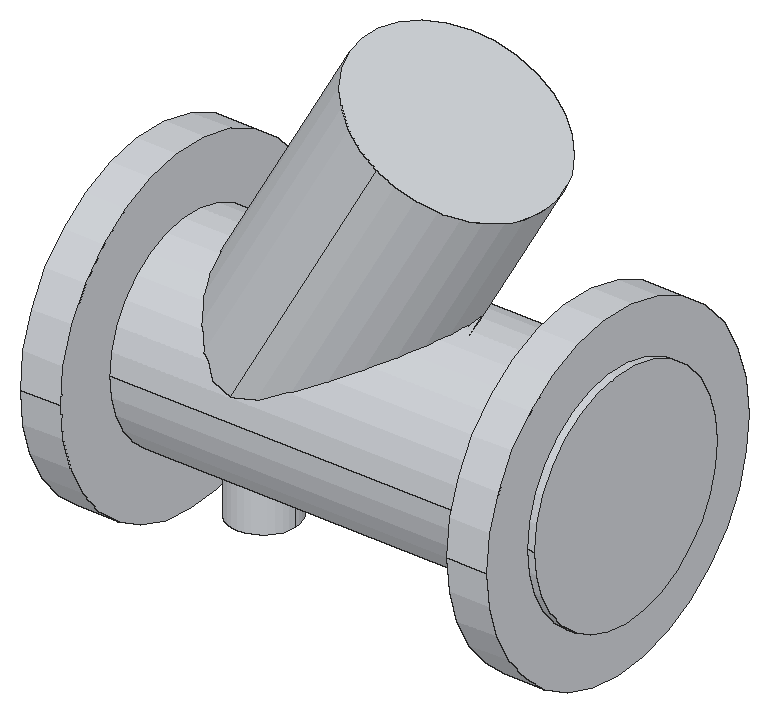
Revit family "HS 821-síto_jemné-PN40-DN125-RFA_2019", category Pipe Accessories, Revit 2019
Family settings
  Round Connector Dimension = Use Diameter
  Part Type = Breaks Into
  Work Plane-Based = No
  Always vertical = Yes
  Cut with Voids When Loaded = No
  Shared = No
Parameters (values of type "821F-DN125-PN40-síto_jemné")
  magiProductId = "cf073904c006406b8645afa67ea2fc"
  magiProductFamilyId = "79214ac3aaa945e397802f559f5c1e"
  magiPartTypeId = 307
  isMeasuringValve [instance] = no
  ang2D [instance] = 0.00°
  ZB__ve = -ZB  # -42.5 mm
  ZB1 = 76.14 mm
  ZB = 42.5 mm
  X2 = 131.888 mm
  X1 = 56 mm
  W2D = 15 mm
  VersionID = "2.0/2017.9.26.1/ZETKAMA_821_001"
  Use Minimum Symbol Size [instance] = yes
  URL = "www.hydronic.cz"
  Type Comments = "Filtr přírubový; síto jemné; A-PN16 (-10~300°C); D-PN25 (-10~350°C); F-PN40 (-10~400°C)"
  S = 188 mm
  QmdConnectorList = "301;D;302;D"
  Productdata [instance] = ""
  Manufacturer = "Hydronic Systems Prague s.r.o."
  MC Product Code = "250 691 (821F; DN125; PN40; kvs268,8; oko síta 0,63mm)"
  LM1 = 32 mm
  LM = 320 mm
  L4 = 100 mm
  L2D_Min = 3048 mm
  L2D = 130 mm
  L2 = 200 mm
  HH2 = 228.438 mm
  FD = 270 mm
  Description = "Filtr přírubový; síto jemné; 821A-PN16; 821D-PN25; 821F-PN40"
  DM1 = 165 mm
  DM = 169.2 mm
  D = 125 mm
  CC = 6.8 mm
  CAT0 = yes
  C1 = 33.2 mm
  C = 40 mm
  BD = 53.298 mm
Types (40, lengths in mm): name | magiProductId | ZB__ve | ZB1 | ZB | X2 | X1 | S | MC Product Code | LM1 | LM | L4 | L2 | HH2 | FD | DM1 | DM | D | CC | C1 | C | BD
  821A-DN015-PN16-síto_jemné | "a71bcfe8b393460598b23e8ddf7dc5" | -16.25 | 18.63 | 16.25 | 46.982 | 18.2 | 46 | "210 115 (821A; DN015; PN16; kvs6,2; oko síta 0,63mm)" | 10.4 | 104 | 32.5 | 65 | 81.375 | 95 | 27.6 | 41.4 | 15 | 2.21 | 10.79 | 13 | 13.041
  821A-DN020-PN16-síto_jemné | "41cd6c7a12924f4991217528336076" | -17.75 | 22.68 | 17.75 | 51.673 | 21 | 56 | "210 120 (821A; DN020; PN16; kvs9,6; oko síta 0,63mm)" | 12 | 120 | 37.5 | 75 | 89.5 | 105 | 33.6 | 50.4 | 20 | 2.55 | 12.45 | 15 | 15.876
  821A-DN025-PN16-síto_jemné | "be378b463ed14c3abf4c9b3ae8cf3a" | -19.25 | 26.325 | 19.25 | 58.601 | 22.4 | 65 | "210 125 (821A; DN025; PN16; kvs14,2; oko síta 0,63mm)" | 12.8 | 128 | 40 | 80 | 101.5 | 115 | 43.2 | 58.5 | 25 | 2.72 | 13.28 | 16 | 18.427
  821A-DN032-PN16-síto_jemné | "227a0d18b21540afabe8b6067d35fa" | -23 | 30.78 | 23 | 68.849 | 25.2 | 76 | "210 132 (821A; DN032; PN16; kvs23,1; oko síta 0,63mm)" | 14.4 | 144 | 45 | 90 | 119.25 | 140 | 50.4 | 68.4 | 32 | 3.06 | 14.94 | 18 | 21.546
  821A-DN040-PN16-síto_jemné | "d106917c74724141a10440112d0102" | -24.5 | 34.02 | 24.5 | 75.777 | 28 | 84 | "210 140 (821A; DN040; PN16; kvs36,6; oko síta 0,63mm)" | 16 | 160 | 50 | 100 | 131.25 | 150 | 60 | 75.6 | 40 | 3.4 | 16.6 | 20 | 23.814
  821A-DN050-PN16-síto_jemné | "8255d456a09e4f6486734f5dd9171b" | -26.75 | 40.095 | 26.75 | 79.061 | 32.2 | 99 | "210 150 (821A; DN050 PN16; kvs53,7; oko síta 0,63mm)" | 18.4 | 184 | 57.5 | 115 | 136.938 | 165 | 73.8 | 89.1 | 50 | 3.91 | 19.09 | 23 | 28.066
  821A-DN065-PN16-síto_jemné | "235b1b3e4c0843779a4d5e3716d40a" | -29.75 | 47.79 | 29.75 | 86.927 | 40.6 | 118 | "210 165 (821A; DN065; PN16; kvs95,1; oko síta 0,63mm)" | 23.2 | 232 | 72.5 | 145 | 150.562 | 185 | 94.2 | 106.2 | 65 | 4.93 | 24.07 | 29 | 33.453
  821A-DN080-PN16-síto_jemné | "a067f7c5236348ed8c820d16df7214" | -32 | 53.46 | 32 | 104.753 | 43.4 | 132 | "210 180 (821A; DN080; PN16; kvs137,1; oko síta 0,63mm)" | 24.8 | 248 | 77.5 | 155 | 181.438 | 200 | 107.4 | 118.8 | 80 | 5.27 | 25.73 | 31 | 37.422
  821A-DN100-PN16-síto_jemné | "c49a648c2747461285837d643703cd" | -35 | 63.18 | 35 | 114.857 | 49 | 156 | "210 190 (821A; DN100; PN16; kvs206,4; oko síta 0,63mm)" | 28 | 280 | 87.5 | 175 | 198.937 | 220 | 131.4 | 140.4 | 100 | 5.95 | 29.05 | 35 | 44.226
  821A-DN125-PN16-síto_jemné | "bf68e728a163493cbd2a663b26ebdc" | -39.5 | 74.52 | 39.5 | 131.888 | 56 | 184 | "210 191 (821A; DN125; PN16; kvs268,8; oko síta 0,63mm)" | 32 | 320 | 100 | 200 | 228.438 | 250 | 165 | 165.6 | 125 | 6.8 | 33.2 | 40 | 52.164
  821A-DN150-PN16-síto_jemné | "2de770284b654863ae6bc865769dc5" | -44.75 | 85.455 | 44.75 | 155.885 | 67.2 | 211 | "210 192 (821A; DN150; PN16; kvs401,4; oko síta 0,63mm)" | 38.4 | 384 | 120 | 240 | 270 | 285 | 192 | 189.9 | 150 | 8.16 | 39.84 | 48 | 59.818
  821A-DN200-PN16-síto_jemné | "8e5693371ab64aabb29a7f08c76e15" | -53 | 107.73 | 53 | 188.361 | 84 | 266 | "210 193 (821A; DN200; PN16; kvs706,7; oko síta 0,63mm)" | 48 | 480 | 150 | 300 | 326.25 | 340 | 252 | 239.4 | 200 | 10.2 | 49.8 | 60 | 75.411
  821A-DN250-PN16-síto_jemné | "05e37ed948c34047acdd4c42556504" | -62.75 | 129.195 | 62.75 | 255.911 | 102.2 | 319 | "210 194 (821A; DN250; PN16; kvs1229,4; oko síta 0,63mm)" | 58.4 | 584 | 182.5 | 365 | 443.25 | 405 | 309.6 | 287.1 | 250 | 12.41 | 60.59 | 73 | 90.436
  821A-DN300-PN16-síto_jemné | "9ad0af747269428da925480d83ce80" | -71 | 149.85 | 71 | 325.914 | 119 | 370 | "210 195 (821A; DN300; PN16; kvs1902,4; oko síta 0,63mm)" | 68 | 680 | 212.5 | 425 | 564.5 | 460 | 369.6 | 333 | 300 | 14.45 | 70.55 | 85 | 104.895
  821A-DN350-PN16-síto_jemné | "eebc71459bb3451bb4355e7951370a" | -80 | 173.745 | 80 | 356.875 | 137.2 | 429 | "200 196 (821A; DN350; PN16; kvs2611,0; oko síta 0,63mm)" | 78.4 | 784 | 245 | 490 | 618.125 | 520 | 438 | 386.1 | 350 | 16.66 | 81.34 | 98 | 121.621
  821A-DN400-PN16-síto_jemné | "d2f677cb196647e385b2590e7d8abe" | -89 | 194.4 | 89 | 392.237 | 154 | 480 | "210 197 (821A; DN400; PN16; kvs3438,4; oko síta 0,63mm)" | 88 | 880 | 275 | 550 | 679.375 | 580 | 498 | 432 | 400 | 18.7 | 91.3 | 110 | 136.08
  821D-DN015-PN25-síto_jemné | "27ddcbf555414f8ca1fde329bf9087" | -16.25 | 18.63 | 16.25 | 46.982 | 18.2 | 46 | "210 215 (821D; DN015; PN25; kvs6,2; oko síta 0,63mm)" | 10.4 | 104 | 32.5 | 65 | 81.375 | 95 | 27.6 | 41.4 | 15 | 2.21 | 10.79 | 13 | 13.041
  821D-DN020-PN25-síto_jemné | "270e0f14012f47189cd0235c18faee" | -17.75 | 22.68 | 17.75 | 51.673 | 21 | 56 | "210 220 (821D; DN020; PN25; kvs9,6; oko síta 0,63mm)" | 12 | 120 | 37.5 | 75 | 89.5 | 105 | 33.6 | 50.4 | 20 | 2.55 | 12.45 | 15 | 15.876
  821D-DN025-PN25-síto_jemné | "b9a7fb4aa36643878c637d8e1ab992" | -19.25 | 26.325 | 19.25 | 58.601 | 22.4 | 65 | "210 225 (821D; DN025; PN25; kvs14,2; oko síta 0,63mm)" | 12.8 | 128 | 40 | 80 | 101.5 | 115 | 43.2 | 58.5 | 25 | 2.72 | 13.28 | 16 | 18.427
  821D-DN032-PN25-síto_jemné | "6be9a55c4e68400f94eec7e804204c" | -23 | 30.78 | 23 | 68.849 | 25.2 | 76 | "210 232 (821D; DN032; PN25; kvs23,1; oko síta 0,63mm)" | 14.4 | 144 | 45 | 90 | 119.25 | 140 | 50.4 | 68.4 | 32 | 3.06 | 14.94 | 18 | 21.546
  821D-DN040-PN25-síto_jemné | "c54511bd7f584ec2984291479612cb" | -24.5 | 34.02 | 24.5 | 75.777 | 28 | 84 | "210 240 (821D; DN040; PN25; kvs36,6; oko síta 0,63mm)" | 16 | 160 | 50 | 100 | 131.25 | 150 | 60 | 75.6 | 40 | 3.4 | 16.6 | 20 | 23.814
  821D-DN050-PN25-síto_jemné | "5483b1f596b04cd39b23a14a22c90e" | -26.75 | 40.095 | 26.75 | 79.061 | 32.2 | 99 | "210 250 (821D; DN050; PN25; kvs53,7; oko síta 0,63mm)" | 18.4 | 184 | 57.5 | 115 | 136.938 | 165 | 73.8 | 89.1 | 50 | 3.91 | 19.09 | 23 | 28.066
  821D-DN065-PN25-síto_jemné | "767b0f8318e94750bc7a9930ed5b30" | -29.75 | 47.79 | 29.75 | 86.927 | 40.6 | 118 | "210 265 (821D; DN065; PN25; kvs95,1; oko síta 0,63mm)" | 23.2 | 232 | 72.5 | 145 | 150.562 | 185 | 94.2 | 106.2 | 65 | 4.93 | 24.07 | 29 | 33.453
  821D-DN080-PN25-síto_jemné | "e21040fa3cc2404b858198f6b73709" | -32 | 53.46 | 32 | 104.753 | 43.4 | 132 | "210 280 (821D; DN080; PN25; kvs137,1; oko síta 0,63mm)" | 24.8 | 248 | 77.5 | 155 | 181.438 | 200 | 107.4 | 118.8 | 80 | 5.27 | 25.73 | 31 | 37.422
  821D-DN100-PN25-síto_jemné | "175ca87a506b40b3bc6b82f12f33cf" | -37.25 | 63.18 | 37.25 | 114.857 | 49 | 156 | "210 290 (821D; DN100; PN25; kvs206,4; oko síta 0,63mm)" | 28 | 280 | 87.5 | 175 | 198.937 | 235 | 131.4 | 140.4 | 100 | 5.95 | 29.05 | 35 | 44.226
  821D-DN125-PN25-síto_jemné | "77cc98d60da24855999a22dff726b2" | -42.5 | 74.52 | 42.5 | 131.888 | 56 | 184 | "210 291 (821D; DN125; PN25; kvs268,8; oko síta 0,63mm)" | 32 | 320 | 100 | 200 | 228.438 | 270 | 165 | 165.6 | 125 | 6.8 | 33.2 | 40 | 52.164
  821D-DN150-PN25-síto_jemné | "9cf8acfcd15547d68e83172d3abcbe" | -47 | 85.455 | 47 | 155.885 | 67.2 | 211 | "210 292 (821D; DN150; PN25; kvs401,4; oko síta 0,63mm)" | 38.4 | 384 | 120 | 240 | 270 | 300 | 192 | 189.9 | 150 | 8.16 | 39.84 | 48 | 59.818
  821D-DN200-PN25-síto_jemné | "16973f3c9ea14389ba8602495a6b64" | -56 | 110.97 | 56 | 188.361 | 84 | 274 | "210 293 (821D; DN200; PN25; kvs706,7; oko síta 0,63mm)" | 48 | 480 | 150 | 300 | 326.25 | 360 | 252 | 246.6 | 200 | 10.2 | 49.8 | 60 | 77.679
  821F-DN015-PN40-síto_jemné | "4c7eaf3c4c0340888b3e684d8a8616" | -16.25 | 18.225 | 16.25 | 46.982 | 18.2 | 45 | "250 615 (821F; DN015; PN40; kvs6,2; oko síta 0,63mm)" | 10.4 | 104 | 32.5 | 65 | 81.375 | 95 | 27.6 | 40.5 | 15 | 2.21 | 10.79 | 13 | 12.757
  821F-DN020-PN40-síto_jemné | "aaac5f1ec96b44d6ba96ac2293d66d" | -17.75 | 23.49 | 17.75 | 51.673 | 21 | 58 | "250 620 (821F; DN020; PN40; kvs9,6; oko síta 0,63mm)" | 12 | 120 | 37.5 | 75 | 89.5 | 105 | 33.6 | 52.2 | 20 | 2.55 | 12.45 | 15 | 16.443
  821F-DN025-PN40-síto_jemné | "504768023968471481789485b54c7e" | -19.25 | 27.54 | 19.25 | 58.601 | 22.4 | 68 | "250 625 (821F; DN025; PN40; kvs14,2; oko síta 0,63mm)" | 12.8 | 128 | 40 | 80 | 101.5 | 115 | 43.2 | 61.2 | 25 | 2.72 | 13.28 | 16 | 19.278
  821F-DN032-PN40-síto_jemné | "165e7f39cf744f329bdf1c400dad12" | -23 | 31.59 | 23 | 68.849 | 25.2 | 78 | "250 632 (821F; DN032; PN40; kvs23,1; oko síta 0,63mm)" | 14.4 | 144 | 45 | 90 | 119.25 | 140 | 50.4 | 70.2 | 32 | 3.06 | 14.94 | 18 | 22.113
  821F-DN040-PN40-síto_jemné | "b8903f952089408fbf3a5a632bab1f" | -24.5 | 35.64 | 24.5 | 75.777 | 28 | 88 | "250 640 (821F; DN040; PN40; kvs36,6; oko síta 0,63mm)" | 16 | 160 | 50 | 100 | 131.25 | 150 | 60 | 79.2 | 40 | 3.4 | 16.6 | 20 | 24.948
  821F-DN050-PN40-síto_jemné | "c451f97266fe48da8f879cb6a2bd44" | -26.75 | 41.31 | 26.75 | 79.061 | 32.2 | 102 | "250 650 (821F; DN050; PN40; kvs53,7; oko síta 0,63mm)" | 18.4 | 184 | 57.5 | 115 | 136.938 | 165 | 73.8 | 91.8 | 50 | 3.91 | 19.09 | 23 | 28.917
  821F-DN065-PN40-síto_jemné | "dc9821e3f9b34e128f6a8c6b34c198" | -29.75 | 49.41 | 29.75 | 86.927 | 40.6 | 122 | "250 665 (821F; DN065; PN40; kvs95,1; oko síta 0,63mm)" | 23.2 | 232 | 72.5 | 145 | 150.562 | 185 | 94.2 | 109.8 | 65 | 4.93 | 24.07 | 29 | 34.587
  821F-DN080-PN40-síto_jemné | "689aa1e260f84cf4994f027a1d86b5" | -32 | 55.89 | 32 | 104.753 | 43.4 | 138 | "250 680 (821F; DN080; PN40; kvs137,1; oko síta 0,63mm)" | 24.8 | 248 | 77.5 | 155 | 181.438 | 200 | 107.4 | 124.2 | 80 | 5.27 | 25.73 | 31 | 39.123
  821F-DN100-PN40-síto_jemné | "8a45d4e8e2ab425f8c432f21d684f3" | -37.25 | 65.61 | 37.25 | 114.857 | 49 | 162 | "250 690 (821F; DN100; PN40; kvs206,4; oko síta 0,63mm)" | 28 | 280 | 87.5 | 175 | 198.937 | 235 | 131.4 | 145.8 | 100 | 5.95 | 29.05 | 35 | 45.927
  821F-DN125-PN40-síto_jemné | "cf073904c006406b8645afa67ea2fc" | -42.5 | 76.14 | 42.5 | 131.888 | 56 | 188 | "250 691 (821F; DN125; PN40; kvs268,8; oko síta 0,63mm)" | 32 | 320 | 100 | 200 | 228.438 | 270 | 165 | 169.2 | 125 | 6.8 | 33.2 | 40 | 53.298
  821F-DN150-PN40-síto_jemné | "0153b9ddabe14992a630484929fdbc" | -47 | 88.29 | 47 | 155.885 | 67.2 | 218 | "250 692 (821F; DN150; PN40; kvs401,4; oko síta 0,63mm)" | 38.4 | 384 | 120 | 240 | 270 | 300 | 192 | 196.2 | 150 | 8.16 | 39.84 | 48 | 61.803
  821F-DN200-PN40-síto_jemné | "7fb3fc01dd8d42428c203e3f8dd4d5" | -56 | 115.425 | 56 | 188.361 | 84 | 285 | "250 693 (821F; DN200; PN40; kvs706,7; oko síta 0,63mm)" | 48 | 480 | 150 | 300 | 326.25 | 360 | 252 | 256.5 | 200 | 10.2 | 49.8 | 60 | 80.797
Reference planes
  plane 1 "Center (Front/Back)": y = 0
  plane 2 "XYPLANE": z = 0
  plane 3 "Center (Left/Right)": x = 0
  plane 4 "109": x = -128
  plane 5 "108": x = 160
  plane 6 "107": x = -160
  plane 7 "105": x = 200
  plane 8 "104": x = -200
  plane 9 "103": y = 0
  plane 10 "102": z = 0
  plane 11 "101": x = -193.2
  plane 12 "100": x = 193.2
  plane 13 "11": x = -72
  plane 14 "10": z = 228.438
  plane 15 "9": x = 59.888
  plane 16 "5": z = -76.14
  plane 17 "4": x = -100
  plane 18 "1": x = 100
Forms (mm)
  Extrusion 1, solid, visible <- "CAT0"
    sketch origin (-160, -750, 0) x (0, 1, 0) y (0, 0, 1)
      loop
        circle (750, 0) r 84.6
    from 0 to 320 <- "LM"
  Extrusion 2, solid
    sketch origin (-200, -750, 0) x (0, 1, 0) y (0, 0, 1)
      loop
        circle (750, 0) r 94
    from 0 to 6.8 <- "CC"
  Extrusion 3, solid
    sketch origin (-193.2, -750, 0) x (0, 1, 0) y (0, 0, 1)
      loop
        circle (750, 0) r 135
    from 0 to 33.2 <- "C1"
  Extrusion 4, solid
    sketch origin (160, -750, 0) x (0, 1, 0) y (0, 0, 1)
      loop
        circle (750, 0) r 135
    from 0 to 33.2 <- "C1"
  Extrusion 5, solid
    sketch origin (193.2, -750, 0) x (0, 1, 0) y (0, 0, 1)
      loop
        circle (750, 0) r 94
    from 0 to 6.8 <- "CC"
  Sweep 6, solid, visible <- "CAT0"
    path origin (750, 0, 0) x (-1, 0, 0) y (0, 0, 1)
      loop
        line (910, 0) -> (822, 0) -> (690.112, 228.438)
    profile origin (-160, 0, 0) x (0, 0, -1) y (0, 1, 0)
      loop
        circle (0, 0) r 82.5
  Extrusion 7, solid, visible <- "CAT0"
    sketch origin (-750, 0, -76.14) x (1, 0, 0) y (0, 1, 0)
      loop
        circle (650, 0) r 26.649
    from 0 to -42.5 <- "ZB__ve"
  Extrusion 8, solid, visible <- "CAT0"
    sketch origin (-750, 0, -76.14) x (1, 0, 0) y (0, 1, 0)
      loop
        circle (850, 0) r 26.649
    from 0 to -42.5 <- "ZB__ve"
  Extrusion 9, solid, not visible
    sketch origin (200, -750, 0) x (0, 1, 0) y (0, 0, 1)
      loop
        circle (750, 0) r 10
    from 0 to -10
  Extrusion 10, solid, not visible
    sketch origin (-200, -750, 0) x (0, 1, 0) y (0, 0, 1)
      loop
        circle (750, 0) r 10
    from 0 to 10
Lines and regions (mm)
  reference lines, not visible
    curve 1: circle (2, 2, 0) r 1 normal (0, 0, 1)
Dimensions and locks
  plane 1 "Center (Front/Back)" to curve 1 = 2 mm
  "LM1": plane 6 "107" to plane 4 "109"
  "LM": plane 6 "107" to plane 5 "108"
  "C": plane 8 "104" to plane 6 "107"
  "L2": plane 3 "Center (Left/Right)" to plane 7 "105"
  "L2": plane 3 "Center (Left/Right)" to plane 8 "104"
  locked: plane 1 "Center (Front/Back)" to plane 9 "103"
  locked: plane 2 "XYPLANE" to plane 10 "102"
  "CC": plane 8 "104" to plane 11 "101"
  "C1": plane 5 "108" to plane 12 "100"
  "X1": plane 4 "109" to plane 13 "11"
  "HH2": plane 2 "XYPLANE" to plane 14 "10"
  "X2": plane 13 "11" to plane 15 "9"
  "ZB1": plane 2 "XYPLANE" to plane 16 "5"
  "L4": plane 8 "104" to plane 17 "4"
  "L2": plane 17 "4" to plane 18 "1"
  Sweep 6 sketch curve to Sweep 6 sketch curve = 0 mm  (x2)
  "DM": diameter of Extrusion 1 sketch curve
  "S": diameter of Extrusion 2 sketch curve
  "FD": diameter of Extrusion 3 sketch curve
  "FD": diameter of Extrusion 4 sketch curve
  "S": diameter of Extrusion 5 sketch curve
  "DM1": diameter of Sweep 6 sketch curve
  "BD": diameter of Extrusion 7 sketch curve
  "BD": diameter of Extrusion 8 sketch curve
  aligned and locked: level to plane 2 "XYPLANE"
  aligned and locked: Extrusion 1 sketch curve to plane 9 "103"
  aligned and locked: plane 10 "102" to Extrusion 1 sketch curve
  aligned and locked: Extrusion 2 sketch curve to plane 9 "103"
  aligned and locked: plane 10 "102" to Extrusion 2 sketch curve
  aligned and locked: Extrusion 3 sketch curve to plane 9 "103"
  aligned and locked: plane 10 "102" to Extrusion 3 sketch curve
  aligned and locked: Extrusion 4 sketch curve to plane 9 "103"
  aligned and locked: plane 10 "102" to Extrusion 4 sketch curve
  aligned and locked: Extrusion 5 sketch curve to plane 9 "103"
  aligned and locked: plane 10 "102" to Extrusion 5 sketch curve
  aligned and locked: Sweep 6 sketch curve to plane 9 "103"
  aligned and locked: plane 10 "102" to Sweep 6 sketch curve  (x3)
  aligned and locked: plane 6 "107" to Sweep 6 sketch curve
  aligned and locked: plane 13 "11" to Sweep 6 sketch curve
  aligned and locked: plane 14 "10" to Sweep 6 sketch curve
  aligned and locked: plane 15 "9" to Sweep 6 sketch curve
  aligned and locked: plane 9 "103" to Extrusion 7 sketch curve
  aligned and locked: plane 17 "4" to Extrusion 7 sketch curve
  aligned and locked: plane 9 "103" to Extrusion 8 sketch curve
  aligned and locked: plane 18 "1" to Extrusion 8 sketch curve
  aligned and locked: Extrusion 9 sketch curve to plane 9 "103"
  aligned and locked: plane 10 "102" to Extrusion 9 sketch curve
  aligned and locked: Extrusion 10 sketch curve to plane 9 "103"
  aligned and locked: plane 10 "102" to Extrusion 10 sketch curve
Automatic sketch dimensions
  plane 1 "Center (Front/Back)" to Extrusion 9 sketch curve = 10 mm
  plane 1 "Center (Front/Back)" to Extrusion 10 sketch curve = 10 mm
  plane 3 "Center (Left/Right)" to curve 1 = 2 mm
  radius of curve 1 = 1 mm
Connectors
  piping at (-200, 0, 0), diameter 125, driven by "D"
    settings: on Extrusion 10, index 1, connector inside diameter 609.6 mm, connector length 0 mm, flow factor 0, pipe flow 0.0 L/s, pressure drop 0.0 Pa, fitting loss kfactor 0, connector angle 0.00°, fixture units 0, engagement length 0 mm, angle of deflection 0.00°, flow configuration 0, flow direction 0, fitting loss method 0, system type 29, joint type 0, gender type 0, connector reference index 2, connector utility 0, adjustable connector no, is connector primary yes, connector description ""
  piping at (200, 0, 0), diameter 125, driven by "D"
    settings: on Extrusion 9, index 2, connector inside diameter 609.6 mm, connector length 0 mm, flow factor 0, pipe flow 0.0 L/s, pressure drop 0.0 Pa, fitting loss kfactor 0, connector angle 0.00°, fixture units 0, engagement length 0 mm, angle of deflection 0.00°, flow configuration 0, flow direction 0, fitting loss method 0, system type 29, joint type 0, gender type 0, connector reference index 1, connector utility 0, adjustable connector no, is connector primary no, connector description ""
